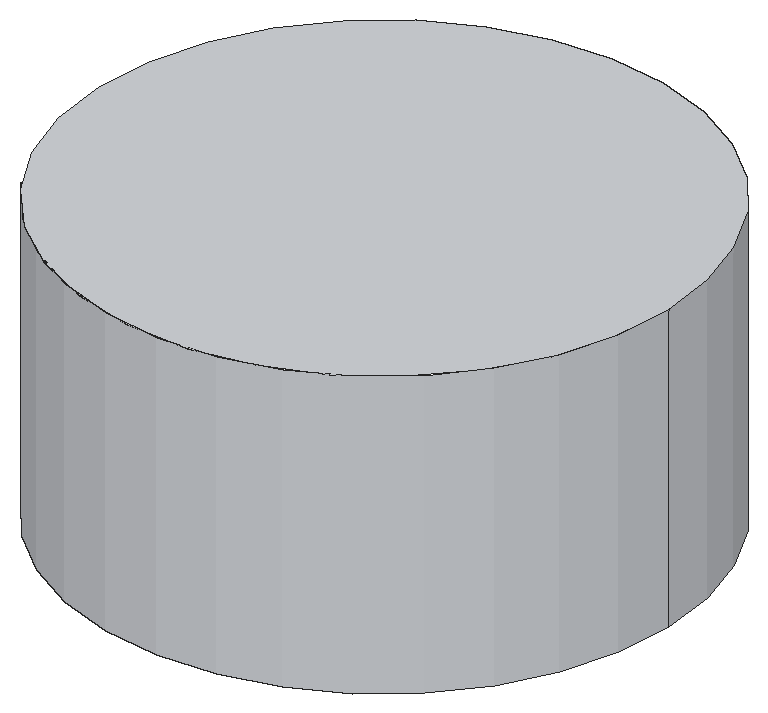
Revit family "ASF-6-C4", category Mechanical Equipment, Revit 2023
Family settings
  Round Connector Dimension = Use Diameter
  Classification = None
  Part Type = Normal
  OmniClass Number = 23.75.00.00
  OmniClass Title = Climate Control (HVAC)
  Work Plane-Based = No
  Always vertical = Yes
  Cut with Voids When Loaded = No
  Maintain Annotation Orientation = No
  Shared = No
  Room Calculation Point = No
Parameters (values of type "Standard")
  Volume = 0.0286339 CF
  Title = "Aura Solar Attic Fan - 6\" Diameter, 4\" Tall Collar"
  Subject = "ASF-6-C4"
  Requested Accuracy = "Low"
  Part Number = "ASF-6-C4"
  Mass = 3.32645 lbm
  Designer = "CAD Machine"
  Design State = 1
  Density = 116.171 lb/ft³
  Default Elevation = 0' - 0"
  Creation Date = "11/11/2022"
  Connector_1_Diameter = 0' - 5 3/4"
  Center of Gravity = "X: 0.034 in Y: -4.236 in Z: 0.000 in"
  Author = "CAD Machine"
  Area = 13.2069 SF
Reference planes (in)
  plane 1 "Center (Front/Back)": y = 0
  plane 2: z = 0
  plane 3 "Center (Left/Right)": x = 0
Forms (in)
  Extrusion 1, solid
    sketch origin (0, 0, -11.61262) x (1, 0, 0) y (0, 1, 0)
      loop
        circle (0, 0) r 0.12
    from 0 to -0.12
Dimensions and locks (in)
  aligned and locked: plane 2 to level
Connectors (in)
  hvac at (0, 0, -11.61262), driven by "Connector_1_Diameter"
    settings: on Extrusion 1, index 1, duct flow 0 CFM, flow factor 0, pres drop 0.00 in-wg, loss coef 0, conn angle 0.00°, conn width 12", conn height 12", conn diameter 5 3/4", duct sys type 3, conn prof type 0, flow config 1, flow direction 1, loss method 0, conn ref index -1, conn util no, is conn primary yes, conn desc ""
